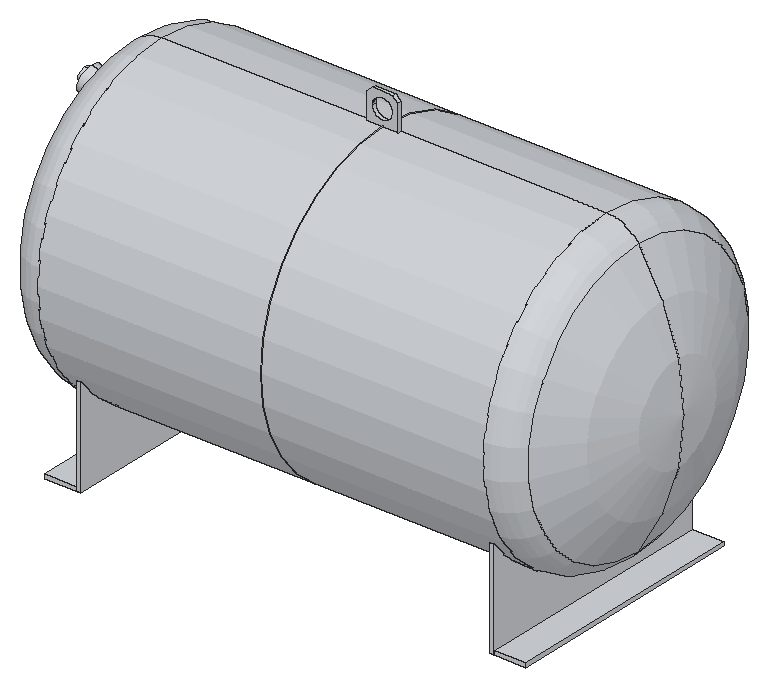
Revit family
Parameters (values of type "AX-260 125# W.P. with Saddles")
  Weight = "448 lbs"
  Tank Volume = "158.5 Gal"
  Tank Radius = Tank Diameter / 2  # 15.000"
  Tank Length = 58.000"
  Tank Diameter = 30.000"
  Pipe Connector Diameter = Pipe Connection Radius * 2  # 1.250"
  Pipe Connection Radius = 0.625"
  Off Ref Plane = 2.750"
  Model = "AX-260"
  Maximum Acceptance Volume = "56 Gal"
  Max Operating Temp = "240 DEG F"
  Max Operating Pressure = "125 PSI"
  Manufacturer = "Amtrol"
  CL to Saddle = 19.840"
  Bladder/Diaphragm = "Diaphragm"
  ASME = no
  1/2 Tank Length = Tank Length / 2  # 29.000"
Types (5): name | Weight | Tank Volume | Tank Length | Model | Maximum Acceptance Volume | Max Operating Pressure | CL to Saddle | 1/2 Tank Length
  (no name) | "448 lbs" | "158.5 Gal" | 58.000" | "AX-260" | "56 Gal" | "125 PSI" | 19.840" | 29.000"
  AX-260 125# W.P. with Saddles | "448 lbs" | "158.5 Gal" | 58.000" | "AX-260" | "56 Gal" | "125 PSI" | 19.840" | 29.000"
  AX-260 150# W.P. 10 BAR with Saddles | "450 lbs" | "158.5 Gal" | 58.000" | "AX-260" | "56 Gal" | "150 PSI" | 19.840" | 29.000"
  AX-280 125# W.P. with Saddles | "580 lbs" | "211.4 Gal" | 75.750" | "AX-280" | "84 Gal" | "125 PSI" | 28.715" | 37.875"
  AX-280 150# W.P. 10 BAR with Saddles | "582 lbs" | "211.4 Gal" | 75.750" | "AX-280" | "84 Gal" | "150 PSI" | 28.715" | 37.875"
Reference planes (in)
  plane 1 "Center (Front/Back)": y = 0
  plane 2: z = 0
  plane 3 "Center (Left/Right)": x = 0
  plane 4: z = 2.75
Forms (in)
  Sweep 1, solid
    path origin (4.99944, 0, 2.98695) x (1, 0, 0) y (0, 0, 1)
      loop
        line (-35.59338, 3.38471) -> (-28.59338, 3.38471)
    profile origin (-27.09394, 0, 6.37167) x (0, 0, 1) y (0, -1, 0)
      loop
        circle (0, 0) r 0.5
  Extrusion 2, solid
    sketch origin (0, 0.0625, 6.02034) x (1, 0, 0) y (0, 0, 1)
      loop
        line (-1.5, 26.60132) -> (1.5, 26.60132) -> (1.5, 29.25) -> (1, 29.75) -> (-1, 29.75) -> (-1.5, 29.25) -> (-1.5, 26.60132)
      loop
        circle (0, 28.20804) r 1
    from -0.10608 to 0.25
  Revolve 3, solid
    sketch origin (-5.42986, 0, 10.95384) x (-1, 0, 0) y (0, 0, 1)
      loop
        line (21.6575, 15.29207) -> (22.14157, 14.09398) -> (23.76414, 14.74954) -> (23.57683, 15.21313) -> (23.70228, 15.26381) -> (23.65386, 15.38366) -> (23.97686, 15.51416) -> (23.72852, 16.12882) -> (21.6575, 15.29207)
      axis (21.6575, 15.29207) -> (23.72852, 16.12882)
    angle from 0 to 360
  Revolve 4, solid
    sketch origin (0, 0, 0) x (1, 0, 0) y (0, 0, 1)
      loop
        line (-29, 17.74569) -> (0, 17.74569) -> (0, 32.74569) -> (-21.59394, 32.74569)
        arc (-21.59394, 32.74569) -> (-23.31979, 32.27408) -> (-24.66741, 31.09725) r 4
        arc (-24.66741, 31.09725) -> (-27.8892, 24.76398) -> (-29, 17.74569) r 22.75
      axis (0, 17.74569) -> (-29, 17.74569)
    angle from 0 to 360
  Revolve 5, solid
    sketch origin (0, 0, 0) x (-1, 0, 0) y (0, 0, 1)
      loop
        line (-29, 17.74569) -> (0, 17.74569) -> (0, 32.74569) -> (-21.59394, 32.74569)
        arc (-21.59394, 32.74569) -> (-23.31979, 32.27408) -> (-24.66741, 31.09725) r 4
        arc (-24.66741, 31.09725) -> (-27.8892, 24.76398) -> (-29, 17.74569) r 22.75
      axis (0, 17.74569) -> (-29, 17.74569)
    angle from 0 to 360
  Extrusion 6, solid
    sketch origin (0, 0, 0) x (0, 1, 0) y (0, 0, 1)
      loop
        line (-12, -0.875) -> (12, -0.875) -> (12, 8.74569)
        arc (12, 8.74569) -> (0, 2.74569) -> (-12, 8.74569) r 15
        line (-12, 8.74569) -> (-12, -0.875)
    from 19.84 to 20.22052
  Extrusion 7, solid
    sketch origin (0, 0, 0) x (1, 0, 0) y (0, 0, 1)
      loop
        line (19.84, -0.875) -> (23.34, -0.875) -> (23.34, -0.5) -> (19.84, -0.5) -> (19.84, -0.875)
    from -12 to 12
  Extrusion 8, solid
    sketch origin (0, 0, 0) x (0, 1, 0) y (0, 0, -1)
      loop
        line (-12, 0.875) -> (-12, -8.74569)
        arc (-12, -8.74569) -> (0, -2.74569) -> (12, -8.74569) r 15
        line (12, -8.74569) -> (12, 0.875) -> (-12, 0.875)
    from 19.84 to 20.22052
  Extrusion 9, solid
    sketch origin (0, 0, 0) x (-1, 0, 0) y (0, 0, -1)
      loop
        line (19.84, 0.875) -> (19.84, 0.5) -> (23.34, 0.5) -> (23.34, 0.875) -> (19.84, 0.875)
    from -12 to 12
  Extrusion 10, void
    sketch origin (0, 0, 0) x (1, 0, 0) y (0, 1, 0)
      loop
        circle (22.34, 11) r 0.4375
      loop
        circle (22.34, -11) r 0.4375
    from -6.99679 to 1.20765
  Extrusion 11, void
    sketch origin (0, 0, 0) x (1, 0, 0) y (0, 1, 0)
      loop
        circle (-22.34, 11) r 0.4375
      loop
        circle (-22.34, -11) r 0.4375
    from -3.75968 to 3.27
Cuts and joins
  Extrusion 10 cuts Revolve 5
  Extrusion 11 cuts Revolve 4
Dimensions and locks (in)
  locked: plane 4 to plane 2 at 2.75
  Revolve 3 sketch curve to Revolve 3 sketch curve = 2.23366"
  Revolve 3 sketch curve to Revolve 3 sketch curve = 1.750"
  Revolve 3 sketch curve to Revolve 3 sketch curve = 1.8853"
  Revolve 4 sketch curve to level = 17.74569"
  "Tank Radius": Revolve 4 sketch curve to Revolve 4 sketch curve
  "1/2 Tank Length": Revolve 4 sketch curve to Revolve 4 sketch curve
  "Tank Radius": Revolve 5 sketch curve to Revolve 5 sketch curve
  "1/2 Tank Length": Revolve 5 sketch curve to Revolve 5 sketch curve
  Revolve 5 sketch curve to level = 17.74569"
  Revolve 3 sketch curve to Revolve 4 = 5.97749"
  locked: Revolve 3 sketch curve to Revolve 4 at 5.49343
  Sweep 1 sketch curve to Revolve 4 = 2.000"
  Extrusion 6 sketch curve to Extrusion 6 sketch curve = 9.62069"  (x2)
  Extrusion 6 sketch curve to plane 1 "Center (Front/Back)" = 12.000"
  Extrusion 6 sketch curve to Extrusion 6 sketch curve = 24.000"
  "CL to Saddle": Extrusion 6 to plane 3 "Center (Left/Right)"
  locked: Extrusion 7 sketch curve to Extrusion 6 at 0
  locked: Extrusion 7 sketch curve to Extrusion 7 sketch curve at 3.5
  locked: Extrusion 7 sketch curve to Extrusion 7 sketch curve at 0.375
  locked: Extrusion 6 to Extrusion 6 at 0.38052
  Extrusion 8 sketch curve to Extrusion 8 sketch curve = 9.62069"  (x2)
  Extrusion 8 sketch curve to Extrusion 8 sketch curve = 24.000"
  locked: Extrusion 9 sketch curve to Extrusion 8 at 0
  locked: Extrusion 9 sketch curve to Extrusion 9 sketch curve at 3.5
  locked: Extrusion 9 sketch curve to Extrusion 9 sketch curve at 0.375
  locked: Extrusion 8 to Extrusion 8 at 0.38052
  "CL to Saddle": plane 3 "Center (Left/Right)" to Extrusion 8
  locked: Extrusion 7 to Extrusion 10 sketch curve at 1  (x2)
  locked: Extrusion 10 sketch curve to Extrusion 7 at 1  (x2)
  locked: Extrusion 9 to Extrusion 11 sketch curve at 1  (x4)
  radius of Revolve 4 sketch curve = 22.750"
  radius of Revolve 4 sketch curve = 4.000"
  radius of Revolve 5 sketch curve = 22.750"
  radius of Revolve 5 sketch curve = 4.000"
  aligned and locked: Revolve 4 sketch curve to Revolve 4 sketch curve  (x2)
  aligned and locked: Revolve 5 sketch curve to Revolve 5 sketch curve  (x2)
  aligned and locked: import instance to plane 1 "Center (Front/Back)"
  aligned and locked: import instance to plane 4
  aligned and locked: Extrusion 7 to Extrusion 6
  aligned and locked: Extrusion 6 to Extrusion 7
  aligned and locked: Extrusion 9 to Extrusion 8
  aligned and locked: Extrusion 8 to Extrusion 9
Automatic sketch dimensions
  Sweep 1 sketch curve to Sweep 1 sketch curve = 7.000"
  plane 4 to Sweep 1 sketch curve = 3.62167"
  profile plane to Sweep 1 sketch curve = 0.000"
  Sweep 1 sketch curve to profile plane = 0.000"
  Extrusion 2 sketch curve to plane 3 "Center (Left/Right)" = 0.000"
  Extrusion 2 sketch curve to plane 3 "Center (Left/Right)" = 1.000"
  Extrusion 2 sketch curve to plane 3 "Center (Left/Right)" = 1.500"
  plane 3 "Center (Left/Right)" to Extrusion 2 sketch curve = 1.000"
  plane 3 "Center (Left/Right)" to Extrusion 2 sketch curve = 1.500"
  plane 4 to Extrusion 2 sketch curve = 29.87167"
  Extrusion 2 sketch curve to Extrusion 2 sketch curve = 1.60672"
  Extrusion 2 sketch curve to Extrusion 2 sketch curve = 1.04196"  (x2)
  Extrusion 2 sketch curve to Extrusion 2 sketch curve = 0.500"
  Revolve 3 sketch curve to Revolve 3 sketch curve = 1.21693"
  Revolve 3 sketch curve to plane 4 = 23.41697"
  Revolve 3 sketch curve to Revolve 3 sketch curve = 1.43527"
  Revolve 3 sketch curve to plane 4 = 23.5875"
  Revolve 3 sketch curve to Revolve 3 sketch curve = 0.07703"
  Revolve 3 sketch curve to Revolve 3 sketch curve = 0.88438"
  Revolve 3 sketch curve to Revolve 3 sketch curve = 0.49167"
  Revolve 3 sketch curve to Revolve 3 sketch curve = 0.35731"
  Revolve 4 sketch curve to plane 3 "Center (Left/Right)" = 0.000"
  Revolve 4 sketch curve to Revolve 4 sketch curve = 5.3837"
  Revolve 4 sketch curve to Revolve 4 sketch curve = 4.33259"
  Revolve 4 sketch curve to Revolve 4 sketch curve = 0.000"
  Revolve 4 sketch curve to Revolve 4 sketch curve = 3.07347"
  Revolve 5 sketch curve to plane 3 "Center (Left/Right)" = 0.000"
  Revolve 5 sketch curve to Revolve 5 sketch curve = 5.3837"
  Revolve 5 sketch curve to Revolve 5 sketch curve = 4.33259"
  Revolve 5 sketch curve to Revolve 5 sketch curve = 0.000"
  Revolve 5 sketch curve to Revolve 5 sketch curve = 3.07347"
  Extrusion 6 sketch curve to level = 0.875"
  plane 4 to Extrusion 6 sketch curve = 14.99569"
  Extrusion 7 sketch curve to level = 0.875"
  Extrusion 8 sketch curve to plane 1 "Center (Front/Back)" = 0.000"
  plane 4 to Extrusion 8 sketch curve = 14.99569"
  plane 4 to Extrusion 8 sketch curve = 5.99569"
  level to Extrusion 9 sketch curve = 0.875"
  radius of Sweep 1 sketch curve = 0.500"
  radius of Extrusion 2 sketch curve = 1.000"
  radius of Extrusion 10 sketch curve = 0.4375"  (x2)
  radius of Extrusion 11 sketch curve = 0.4375"  (x2)
Connectors (in)
  piping at (-30.59394, 0, 6.37167), driven by "Pipe Connection Radius"
    settings: on Sweep 1, index 1
